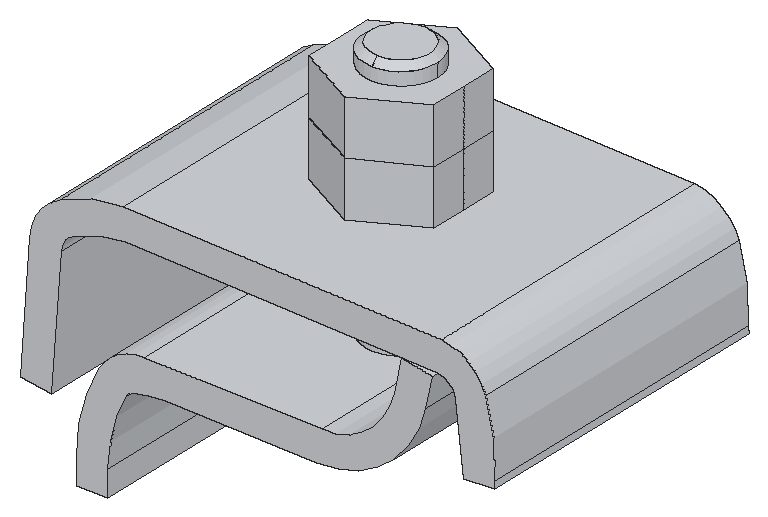
Revit family "ハゼ金具(BS-51)", category 一般モデル, Revit 2021
Family settings
  鉄筋をホスト可能 = いいえ
  丸型コネクタ寸法 = 直径を使用
  パーツ タイプ = 標準
  作業面ベース = いいえ
  常に垂直 = はい
  ロード時にボイドで切り取り = いいえ
  共有 = いいえ
  部屋計算ポイント = いいえ
Parameters
  既定の高さ = 0 mm
Reference planes
  plane 1 "中心(正面/背面)": y = 0
  plane 2: z = 0
  plane 3 "中心(左/右)": x = 0
Forms (mm)
  Extrusion 1, solid
    sketch origin (0, 0, 0) x (1, 0, 0) y (0, 0, 1)
      loop
        line (-22.569, 0) -> (-22.569, 3.497)
        arc (-22.569, 3.497) -> (-21.91, 8.589) -> (-19.977, 13.345) r 20
        arc (-19.977, 13.345) -> (-19.707, 13.662) -> (-19.339, 13.856) r 1.1
        arc (-19.339, 13.856) -> (-17.092, 14.355) -> (-14.795, 14.504) r 15
        line (-14.795, 14.504) -> (5.827, 14.259)
        arc (5.827, 14.259) -> (15.317, 17.498) -> (20.645, 25.993) r 15
        line (20.645, 25.993) -> (21.579, 30.179) -> (17.382, 31.115) -> (16.323, 26.368)
        arc (16.323, 26.368) -> (12.771, 20.705) -> (6.444, 18.546) r 10
        line (6.444, 18.546) -> (-17.611, 18.832)
        arc (-17.611, 18.832) -> (-21.193, 17.895) -> (-23.797, 15.262) r 7
        arc (-23.797, 15.262) -> (-26.092, 9.581) -> (-26.874, 3.504) r 24
        line (-26.874, 3.504) -> (-26.874, 0) -> (-22.569, 0)
    from -21.5 to 21.5
  Extrusion 2, solid
    sketch origin (0, 0, 0) x (1, 0, 0) y (0, 0, 1)
      loop
        line (25.701, 19.306) -> (29.996, 19.545) -> (29.94, 20.543)
        arc (29.94, 20.543) -> (29.786, 25.521) -> (28.695, 30.38) r 26.256
        arc (28.695, 30.38) -> (26.411, 33.674) -> (22.694, 35.175) r 7
        arc (22.694, 35.175) -> (1.165, 36.445) -> (-20.401, 36.228) r 312.691
        arc (-20.401, 36.228) -> (-24.835, 35.573) -> (-29.044, 34.031) r 21.967
        arc (-29.044, 34.031) -> (-31.97, 31.493) -> (-33.239, 27.834) r 7.5
        line (-33.239, 27.834) -> (-34.503, 10.505) -> (-30.224, 10) -> (-28.808, 27.833)
        arc (-28.808, 27.833) -> (-28.262, 29.334) -> (-27.024, 30.342) r 3
        arc (-27.024, 30.342) -> (-23.69, 31.453) -> (-20.209, 31.933) r 19.048
        arc (-20.209, 31.933) -> (1.015, 32.147) -> (22.205, 30.902) r 308.391
        arc (22.205, 30.902) -> (23.83, 30.178) -> (24.684, 28.617) r 2.78
        arc (24.684, 28.617) -> (25.288, 24.475) -> (25.645, 20.304) r 70.372
        line (25.645, 20.304) -> (25.701, 19.306)
    from -21.5 to 21.5
  Extrusion 3, void
    sketch origin (0, 0, 0) x (1, 0, 0) y (0, 1, 0)
      loop
        circle (0, 0) r 5
    from -7.199 to 42.971
  Extrusion 4, solid
    sketch origin (0, 0, 0) x (1, 0, 0) y (0, 1, 0)
      loop
        circle (0, 0) r 5
    from 14.011 to 54.011
  Extrusion 5, solid
    sketch origin (0, 0, 0) x (1, 0, 0) y (0, 1, 0)
      loop
        circle (0, 0) r 11
    from 13.511 to 14.011
  Revolve 6, solid
    sketch origin (0, 0, 0) x (0, 1, 0) y (0, 0, 1)
      loop
        arc (0, 9.011) -> (5.942, 10.18) -> (11, 13.511) r 15.694
        line (11, 13.511) -> (0, 13.511) -> (0, 9.011)
      axis (0, 9.011) -> (0, 13.511)
    angle from 0 to 360
  Extrusion 7, solid
    sketch origin (0, 0, 0) x (1, 0, 0) y (0, 1, 0)
      loop
        line (8.5, 0) -> (8.5, 5) -> (0, 9.5) -> (-8.5, 5) -> (-8.5, 0) -> (-8.5, -5) -> (0, -9.5) -> (8.5, -5) -> (8.5, 0)
    from 36.471 to 43.971
  Revolve 8, void
    sketch origin (0, 0, 0) x (0, 1, 0) y (0, 0, 1)
      loop
        line (5, 53.177) -> (5, 54.011) -> (4, 54.011) -> (5, 53.177)
      axis (0, 53.177) -> (0, 54.177)
    angle from 0 to 360
  Extrusion 9, solid
    sketch origin (0, 0, 7.5) x (1, 0, 0) y (0, 1, 0)
      loop
        line (8.5, 0) -> (8.5, 5) -> (0, 9.5) -> (-8.5, 5) -> (-8.5, 0) -> (-8.5, -5) -> (0, -9.5) -> (8.5, -5) -> (8.5, 0)
    from 36.471 to 43.971
Cuts and joins
  Extrusion 3 cuts Extrusion 1
  Extrusion 3 cuts Extrusion 2
  Revolve 8 cuts Extrusion 4
Dimensions and locks
  aligned and locked: level to plane 2
